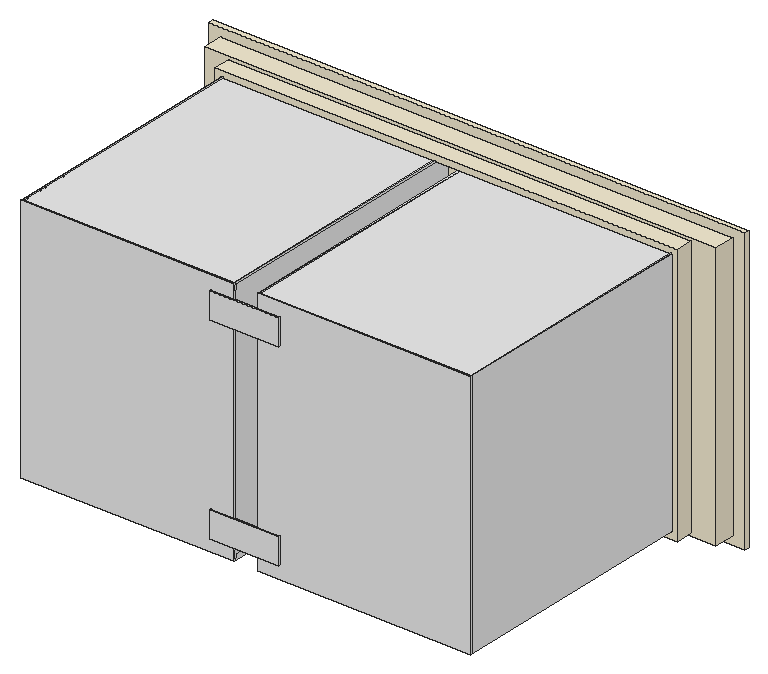
Revit family "Mailboxes_4C-Salsbury_Industries-Front_Load-4_Door_High_Units", category Specialty Equipment, host Wall, Revit 2016
Family settings
  Host = Wall
  Part Type = Normal
  Round Connector Dimension = Use Diameter
  OmniClass Number = 23.40.90.14.11
  OmniClass Title = Mail Boxes
  Always vertical = Yes
  Cut with Voids When Loaded = No
  Shared = No
  Room Calculation Point = No
Parameters (values of type "3704D-06 FL")
  Width = 31.09766"
  URL = "www.mailboxes.com"
  OmniClass 23 Title = "Mail Boxes"
  OmniClass 23 Number = "23.40.90.14.11"
  Visible Door Number [instance] = yes
  Vertical Center Divider = yes
  Version = "3.0 (06/30/17)"
  Type Comments = "4C Standard Horizontal Mailbox - Front Loading"
  Top Back Plate = yes
  Right Inside Wall = yes
  Model = "3704D-06 FL"
  MasterFormat Title = "Postal Specialties"
  MasterFormat Number = "10 55 00"
  Manufacturer = "Salsbury Industries"
  Lock Material = Stainless Steel - Salsbury Finish -  Polished
  Left Inside Wall = yes
  Keynote = ""
  Height = 16.500"
  Front Panel Material [instance] = Paint - Salsbury Finish - Sandstone
  Door Slot R4 Number [instance] = "6"
  Door Slot R4 = 3700 Series 4C Door Configurations : MB1 Door w/ Divider
  Door Slot R3 Number [instance] = "0"
  Door Slot R3 = 3700 Series 4C OM2 Configuration : OM2-FL
  Door Slot R2 Number [instance] = "0"
  Door Slot R2 = 3700 Series 4C Door Configurations : Empty
  Door Slot R1 Number [instance] = "5"
  Door Slot R1 = 3700 Series 4C Door Configurations : MB1 Door
  Door Slot L4 Number [instance] = "4"
  Door Slot L4 = 3700 Series 4C Door Configurations : MB1 Door w/ Divider
  Door Slot L3 Number [instance] = "3"
  Door Slot L3 = 3700 Series 4C Door Configurations : MB1 Door w/ Divider
  Door Slot L2 Number [instance] = "2"
  Door Slot L2 = 3700 Series 4C Door Configurations : MB1 Door w/ Divider
  Door Slot L1 Number [instance] = "1"
  Door Slot L1 = 3700 Series 4C Door Configurations : MB1 Door
  Description = "4 Door High Unit:  6 MB1, OM2"
  Depth = 17.025"
  Center Extrusion Offset [instance] = 0.000"
  Bottom Back Plate = yes
  Back Enclosure Material = Aluminum - Salsbury Finish - Anodized
  Assembly Description = "Mailboxes"
  Assembly Code = "C1030910"
  Above Finished Floor (AFF-Bottom of Unit) [instance] = 26.683"
  Above Finished Floor (AFF-Bottom Shelf) [instance] = 28.000"
Reference planes (in)
  plane 1 "Wall Centerline": y = 0
  plane 2 "Center (Left/Right)": x = 0
  plane 3 "Front": y = 3
  plane 4 "15" AFF": z = 28
  plane 5 "28" AFF": z = 28
  plane 6 "36" AFF": z = 36
  plane 7 "48" AFF": z = 48
  plane 8 "Bottom of Unit": z = 26.683
  plane 9 "Top of Unit": z = 43.183
  plane 10 "Left Side of Unit": x = 15.54883
  plane 11 "Right Side of Unit": x = -15.54883
  plane 12 "28" AFF_Bottom of Unit": z = 26.683
  plane 13 "Top Horiz Trim Align": z = 42.35225
  plane 14 "Bottom Horiz Trim Align": z = 27.515
  plane 15 "Left Trim Align": x = 14.716
  plane 16 "Right Trim Align": x = -14.716
  plane 17 "Left Door Align": x = 14.06641
  plane 18 "Right Door Align": x = -14.06641
  plane 19 "Top Horiz Door Align": z = 41.76125
  plane 20 "Bottom Horiz Door Align": z = 28
  plane 21 "Front Face of Unit": y = 3.265
  plane 22 "Top Housing Align": z = 42.679
  plane 23 "Top Collar Align": z = 42.531
  plane 24 "Top Box Align": z = 42.176
  plane 25 "Vertical Housing Align": y = 1.795
  plane 26 "Vertical Collar Align": y = 0.795
  plane 27 "Back of Unit": y = -13.76
  plane 28 "Bottom Housing Align": z = 27.187
  plane 29 "Bottom Collar Align": z = 27.335
  plane 30 "Bottom Box Align": z = 27.75
  plane 31 "Door Alignment": y = 2.66809
  plane 32 "Right Housing Align": x = -14.84183
  plane 33 "Right Collar Align": x = -13.40883
  plane 34 "Right Box Side Align": x = -13.08083
  plane 35 "Left Housing Align": x = 14.84183
  plane 36 "Left Collar Align": x = 13.40883
  plane 37 "Left Side Box Align": x = 13.08083
  plane 38 "Top Back Plate Align": z = 41.397
  plane 39 "Bottom Back Plate Align": z = 28.499
  plane 40 "Back": y = -3
  plane 41 "RO Left Side": x = 15.17383
  plane 42 "RO Right Side": x = -15.17383
  plane 43 "RO Bottom": z = 27.058
  plane 44 "RO Top": z = 42.808
  plane 45 "Horiz Centerline": z = 42.04237
  plane 46: z = 27.885
  plane 47: x = 12.99983
  plane 48: x = 12.92758
  plane 49 "Center Extrusion": x = 0
  plane 50 "Center Extrusion Offset": x = 0
  plane 51 "Row 4 Top Align": z = 31.5
  plane 52 "Row 3 Top Align": z = 35
  plane 53 "Row 2 Top Align": z = 38.5
  plane 54 "Row 16 Top Align-Private": z = 31.5
  plane 55 "Row 15 Top Align-Private": z = 35
  plane 56 "Row 14 Top Align-Private": z = 38.5
  plane 57 "Row 13 Top Align-Private": z = 42
  plane 58 "Row 12 Top Align-Private": z = 45.5
  plane 59 "Row 11 Top Align-Private": z = 49
  plane 60 "Row 10 Top Align-Private": z = 52.25
  plane 61 "Row 9 Top Align-Private": z = 55.75
  plane 62 "Row 8 Top Align-Private": z = 59.25
  plane 63 "Top of Face Gap": z = 61.25
  plane 64 "Top Latch Align": z = 33.876
  plane 65 "Bottom Latch Align": z = 36.05
  plane 66 "Right Latch Align": x = -0.69183
  plane 67 "Left Latch Align": x = 0.69098
  plane 68 "Latch Alignment Edge": x = -15.54883
  plane 69: x = -12.92783
  plane 70: x = -12.99983
  plane 71: y = -13.84203
  plane 72: x = -2
  plane 73: x = -0.7705
  plane 74: x = 0.7705
  plane 75: x = 2
  plane 76: y = -13.67797
  plane 77: x = -0.69098
  plane 78: x = 0.69183
  plane 79: z = 39.897
  plane 80: z = 29.999
  plane 81: z = 41.81729
  plane 82: z = 28.41625
  plane 83: z = 27.446
  plane 84: z = 28.055
Forms (in)
  Extrusion 1, void
    sketch origin (0, 3, 0) x (1, 0, 0) y (0, 0, 1)
      loop
        line (15.17383, 42.808) -> (-15.17383, 42.808) -> (-15.17383, 27.058) -> (15.17383, 27.058) -> (15.17383, 42.808)
    from 0 to 15.27914
  Extrusion 2, solid, material "Paint - Salsbury Finish - Sandstone" <- "Front Panel Material"
    sketch origin (0, 3, 0) x (1, 0, 0) y (0, 0, 1)
      loop
        line (15.54883, 43.183) -> (-15.54883, 43.183) -> (-15.54883, 26.683) -> (15.54883, 26.683) -> (15.54883, 43.183)
    from -0.265 to 0
  Extrusion 3, void
    sketch origin (0, 3.265, 0.00774) x (0, 0, -1) y (-1, 0, 0)
      loop
        line (-42.34451, -14.716) -> (-27.50726, -14.716) -> (-27.50726, 14.716) -> (-42.34451, 14.716) -> (-42.34451, -14.716)
    from -0.265 to 0
  Extrusion 4, solid, material "Paint - Salsbury Finish - Sandstone" <- "Front Panel Material"
    sketch origin (14.98214, 3.265, -1.67978) x (0, 0, -1) y (-1, 0, 0)
      loop
        line (-44.03203, 29.69814) -> (-44.03203, 29.04855) -> (-29.19478, 29.04855) -> (-29.19478, 29.69814) -> (-44.03203, 29.69814)
    from 0 to -0.265
  Extrusion 5, solid, material "Paint - Salsbury Finish - Sandstone" <- "Front Panel Material"
    sketch origin (0, 3.265, 0) x (0, 0, -1) y (-1, 0, 0)
      loop
        line (-27.515, -14.06641) -> (-27.515, 14.06641) -> (-28, 14.06641) -> (-28, -14.06641) -> (-27.515, -14.06641)
    from -0.265 to 0
  Extrusion 6, solid, material "Paint - Salsbury Finish - Sandstone" <- "Front Panel Material"
    sketch origin (0, 3, 84.08475) x (1, 0, 0) y (0, 0, 1)
      loop
        line (-14.84183, -56.89775) -> (14.84183, -56.89775) -> (14.84183, -41.40575) -> (-14.84183, -41.40575) -> (-14.84183, -56.89775)
    from 0 to 1.205
  Extrusion 7, solid, material "Paint - Salsbury Finish - Sandstone" <- "Front Panel Material"
    sketch origin (0, 1.795, 0) x (0, 0, 1) y (-1, 0, 0)
      loop
        line (27.335, 13.40883) -> (27.335, -13.40883) -> (42.531, -13.40883) -> (42.531, 13.40883) -> (27.335, 13.40883)
    from 0 to 1
  Extrusion 8, void
    sketch origin (0, 1.795, 0) x (0, 0, 1) y (-1, 0, 0)
      loop
        line (42.176, 13.08083) -> (27.75, 13.08083) -> (27.75, -13.08083) -> (42.176, -13.08083) -> (42.176, 13.08083)
    from 0 to 1
  Extrusion 9, solid, material "Paint - Salsbury Finish - Sandstone" <- "Front Panel Material"
    sketch origin (0, 3.265, 0) x (0, 0, -1) y (-1, 0, 0)
      loop
        line (-42.35225, -14.716) -> (-27.515, -14.716) -> (-27.515, -14.06641) -> (-42.35225, -14.06641) -> (-42.35225, -14.716)
    from 0 to -0.265
  Extrusion 10, solid, material "Paint - Salsbury Finish - Sandstone" <- "Front Panel Material"
    sketch origin (0, 3.265, 0) x (0, 0, -1) y (-1, 0, 0)
      loop
        line (-42.35225, -14.06641) -> (-41.76125, -14.06641) -> (-41.76125, 14.06641) -> (-42.35225, 14.06641) -> (-42.35225, -14.06641)
    from -0.265 to 0
  Extrusion 11, void
    sketch origin (0, 1.795, 0) x (0, 0, 1) y (-1, 0, 0)
      loop
        line (42.531, -13.40883) -> (42.531, 13.40883) -> (27.335, 13.40883) -> (27.335, -13.40883) -> (42.531, -13.40883)
    from -1.124 to 0
  Extrusion 12, void
    sketch origin (0, 3, 0) x (1, 0, 0) y (0, 0, 1)
      loop
        line (14.06641, 42.531) -> (-14.06641, 42.531) -> (-14.06641, 27.335) -> (14.06641, 27.335) -> (14.06641, 42.531)
    from 0 to 0.33191
  Extrusion 13, solid, material "Aluminum - Salsbury Finish - Anodized" <- "Back Enclosure Material"
    sketch origin (-0.58189, 1.795, 0) x (0, 0, 1) y (-1, 0, 0)
      loop
        line (42.176, 12.49894) -> (27.75, 12.49894) -> (27.75, 12.41794) -> (42.176, 12.41794) -> (42.176, 12.49894)
    from 0 to 15.47297
  Extrusion 14, solid, material "Aluminum - Salsbury Finish - Anodized" <- "Back Enclosure Material", visible <- "Right Inside Wall"
    sketch origin (11.7675, 1.795, 0) x (0, 0, 1) y (-1, 0, 0)
      loop
        line (42.176, 12.538) -> (27.75, 12.538) -> (27.75, 12.45933) -> (42.176, 12.45933) -> (42.176, 12.538)
    from 0 to 15.47297
  Extrusion 15, solid, material "Aluminum - Salsbury Finish - Anodized" <- "Back Enclosure Material"
    sketch origin (0.54283, 1.795, 0) x (0, 0, 1) y (-1, 0, 0)
      loop
        line (42.176, -12.538) -> (42.176, -12.457) -> (27.75, -12.457) -> (27.75, -12.538) -> (42.176, -12.538)
    from 0 to 15.47297
  Extrusion 16, solid, material "Aluminum - Salsbury Finish - Anodized" <- "Back Enclosure Material", visible <- "Left Inside Wall"
    sketch origin (-11.7675, 1.795, 0) x (0, 0, 1) y (-1, 0, 0)
      loop
        line (42.176, -12.538) -> (42.176, -12.45849) -> (27.75, -12.45849) -> (27.75, -12.538) -> (42.176, -12.538)
    from 0 to 15.47297
  Extrusion 17, solid, material "Aluminum - Salsbury Finish - Anodized" <- "Back Enclosure Material"
    sketch origin (0, -13.76, 0) x (0, 0, 1) y (-1, 0, 0)
      loop
        line (42.176, 13.08083) -> (27.75, 13.08083) -> (27.75, -13.08083) -> (42.176, -13.08083) -> (42.176, 13.08083)
    from -0.08203 to 0
  Extrusion 18, solid, material "Aluminum - Salsbury Finish - Anodized" <- "Back Enclosure Material"
    sketch origin (-0.15625, 0, 42.176) x (0, 1, 0) y (-1, 0, 0)
      loop
        line (1.795, 12.84358) -> (-13.67797, 12.84358) -> (-13.67797, -13.15608) -> (1.795, -13.15608) -> (1.795, 12.84358)
    from -0.35871 to 0
  Extrusion 19, void
    sketch origin (0, 0, 42.176) x (0, 1, 0) y (-1, 0, 0)
      loop
        line (1.7325, 12.93342) -> (-13.61547, 12.93342) -> (-13.61547, -12.92758) -> (1.7325, -12.92758) -> (1.7325, 12.93342)
    from -0.0723 to -0.6459
  Extrusion 20, solid, material "Aluminum - Salsbury Finish - Anodized" <- "Back Enclosure Material"
    sketch origin (0, 0, 15.41625) x (1, 0, 0) y (0, 1, 0)
      loop
        line (-12.99983, 1.795) -> (-12.99983, -13.67797) -> (12.99983, -13.67797) -> (12.99983, 1.795) -> (-12.99983, 1.795)
    from 12.46875 to 13
  Extrusion 21, void
    sketch origin (0, 0, 27.91625) x (1, 0, 0) y (0, 1, 0)
      loop
        line (-12.93342, 1.7325) -> (-12.93342, -13.61547) -> (12.92758, -13.61547) -> (12.92758, 1.7325) -> (-12.93342, 1.7325)
    from 0.13875 to -0.47025
  Extrusion 22, solid, material "Aluminum - Salsbury Finish - Anodized" <- "Back Enclosure Material", visible <- "Top Back Plate", detail levels medium+fine
    sketch origin (0, -13.76, 0) x (0, 0, 1) y (-1, 0, 0)
      loop
        line (41.397, 2) -> (39.897, 2) -> (39.897, -2) -> (41.397, -2) -> (41.397, 2)
    from 0 to 0.08203
  Extrusion 23, solid, material "Aluminum - Salsbury Finish - Anodized" <- "Back Enclosure Material", visible <- "Bottom Back Plate", detail levels medium+fine
    sketch origin (0, -13.76, 84.11475) x (0, 0, -1) y (1, 0, 0)
      loop
        line (55.61575, -2) -> (55.61575, 2) -> (54.11575, 2) -> (54.11575, -2) -> (55.61575, -2)
    from 0 to 0.08203
  Extrusion 24, void
    sketch origin (0, 0, 0) x (0, 0, -1) y (0, 1, 0)
      loop
        line (-42.176, 1.795) -> (-42.176, -13.76) -> (-27.75, -13.76) -> (-27.75, 1.795) -> (-27.515, 1.795) -> (-27.515, 3.265) -> (-42.35225, 3.265) -> (-42.35225, 1.795) -> (-42.176, 1.795)
    from -0.69098 to 0.69183
  Extrusion 25, solid, material "Paint - Salsbury Finish - Sandstone" <- "Front Panel Material", visible <- "Vertical Center Divider"
    sketch origin (-0.77934, 3.265, 0) x (0, 0, -1) y (-1, 0, 0)
      loop
        line (-42.35225, -1.47033) -> (-27.515, -1.47033) -> (-27.515, -0.08752) -> (-42.35225, -0.08752) -> (-42.35225, -1.47033)
    from 0 to -1.47
Cuts and joins
  Extrusion 3, Extrusion 11, Extrusion 24 cuts Extrusion 2
  Extrusion 8, Extrusion 11, Extrusion 12, Extrusion 24 cuts Extrusion 5
  Extrusion 8, Extrusion 12, Extrusion 19, Extrusion 24 cuts Extrusion 7
  Extrusion 11, Extrusion 12, Extrusion 24 cuts Extrusion 10
  Extrusion 11, Extrusion 12 cuts Extrusion 6
  Extrusion 12 cuts Extrusion 4
  Extrusion 12 cuts Extrusion 9
  Extrusion 19, Extrusion 21, Extrusion 24 cuts Extrusion 18
  Extrusion 21, Extrusion 24 cuts Extrusion 20
  Extrusion 24 cuts Extrusion 17
  Extrusion 24 cuts Extrusion 22
  Extrusion 24 cuts Extrusion 23
Lines and regions (in)
  model lines
    curve 1: line (15.54883, 3.265, 43.183) -> (14.716, 3.265, 42.35225)
    curve 2: line (-15.54883, 3.265, 43.183) -> (-14.716, 3.265, 42.35225)
    curve 3: line (-15.54883, 3.265, 26.683) -> (-14.716, 3.265, 27.515)
    curve 4: line (15.54883, 3.265, 26.683) -> (14.716, 3.265, 27.515)
  reference lines
    curve 5: line (-14.06641, 2.66809, 26.683) -> (-14.06641, 2.66809, 43.183)
    curve 6: line (14.06641, 2.66809, 26.683) -> (14.06641, 2.66809, 43.183)
  symbolic lines
    curve 7: line (-13.08083, -13.76, 28) -> (13.08083, -13.76, 28)
    curve 8: line (-13.08083, 0.795, 28) -> (-13.08083, -13.76, 28)
    curve 9: line (13.40883, 0.795, 28) -> (-13.40883, 0.795, 28)
    curve 10: line (13.08083, -13.76, 28) -> (13.08083, 0.795, 28)
    curve 11: line (13.40883, 0.795, 28) -> (13.40883, 1.795, 28)
    curve 12: line (-13.40883, 0.795, 28) -> (-13.40883, 1.795, 28)
    curve 13: line (-14.84183, 3, 28) -> (-14.84183, 1.795, 28)
    curve 14: line (-14.84183, 1.795, 28) -> (14.84183, 1.795, 28)
    curve 15: line (14.84183, 1.795, 28) -> (14.84183, 3, 28)
    curve 16: line (-15.54883, 3.265, 28) -> (15.54883, 3.265, 28)
    curve 17: line (-15.54883, 3, 28) -> (-15.54883, 3.265, 28)
    curve 18: line (15.54883, 3, 28) -> (-15.54883, 3, 28)
    curve 19: line (15.54883, 3.265, 28) -> (15.54883, 3, 28)
    curve 20: line (-14.06641, 3.265, 28) -> (-14.06641, 4.43, 28)
    curve 21: line (-14.06641, 4.43, 28) -> (-0.69183, 4.43, 28)
    curve 22: line (-0.69183, 4.43, 28) -> (-0.69183, 3.265, 28)
Text (in)
  text "Placement Side" at (0, 40.15149, 123.01588), in view "Right"
  text "Placement Side" at (-58.6842, 42.74981, 0), in view "Ref. Level"
  text "Placement Side" at (0, 47.49176, 140.59947), in view "Left"
Dimensions and locks (in)
  locked: plane 3 "Front" to host wall
  "Above Finished Floor (AFF-Bottom Shelf)": level to plane 4 "15" AFF"
  locked: level to plane 5 "28" AFF" at 28
  locked: level to plane 6 "36" AFF" at 36
  locked: level to plane 7 "48" AFF" at 48
  equal spacing: plane 11 "Right Side of Unit", plane 2 "Center (Left/Right)", plane 10 "Left Side of Unit"
  plane 8 "Bottom of Unit" to plane 4 "15" AFF" = 1.317"
  "Width": plane 11 "Right Side of Unit" to plane 10 "Left Side of Unit"
  "Height": plane 8 "Bottom of Unit" to plane 9 "Top of Unit"
  plane 12 "28" AFF_Bottom of Unit" to plane 5 "28" AFF" = 1.317"
  locked: plane 15 "Left Trim Align" to plane 10 "Left Side of Unit" at 0.83283
  locked: plane 16 "Right Trim Align" to plane 11 "Right Side of Unit" at 0.83283
  locked: plane 13 "Top Horiz Trim Align" to plane 9 "Top of Unit" at 0.83075
  locked: plane 8 "Bottom of Unit" to plane 14 "Bottom Horiz Trim Align" at 0.832
  plane 17 "Left Door Align" to plane 15 "Left Trim Align" = 0.64959"
  plane 18 "Right Door Align" to plane 16 "Right Trim Align" = 0.64959"
  locked: plane 19 "Top Horiz Door Align" to plane 13 "Top Horiz Trim Align" at 0.591
  locked: plane 14 "Bottom Horiz Trim Align" to plane 20 "Bottom Horiz Door Align" at 0.485
  plane 20 "Bottom Horiz Door Align" to level = 28.000"
  plane 5 "28" AFF" to level = 28.000"
  plane 6 "36" AFF" to level = 36.000"
  plane 7 "48" AFF" to level = 48.000"
  plane 9 "Top of Unit" to plane 8 "Bottom of Unit" = 16.500"
  plane 21 "Front Face of Unit" to host wall = 0.265"
  locked: host wall to plane 25 "Vertical Housing Align" at 1.205
  locked: plane 25 "Vertical Housing Align" to plane 26 "Vertical Collar Align" at 1
  plane 25 "Vertical Housing Align" to plane 27 "Back of Unit" = 15.555"
  "Depth": plane 21 "Front Face of Unit" to plane 27 "Back of Unit"
  locked: plane 9 "Top of Unit" to plane 22 "Top Housing Align" at 0.504
  locked: plane 22 "Top Housing Align" to plane 23 "Top Collar Align" at 0.148
  locked: plane 23 "Top Collar Align" to plane 24 "Top Box Align" at 0.355
  locked: plane 28 "Bottom Housing Align" to plane 8 "Bottom of Unit" at 0.504
  locked: plane 29 "Bottom Collar Align" to plane 28 "Bottom Housing Align" at 0.148
  locked: plane 30 "Bottom Box Align" to plane 29 "Bottom Collar Align" at 0.415
  plane 24 "Top Box Align" to plane 30 "Bottom Box Align" = 14.426"  (x2)
  locked: plane 21 "Front Face of Unit" to plane 31 "Door Alignment" at 0.59691
  plane 11 "Right Side of Unit" to plane 32 "Right Housing Align" to plane 33 "Right Collar Align" to plane 34 "Right Box Side Align" = 0.707" locked, 1.433" locked, 0.328" locked
  plane 37 "Left Side Box Align" to plane 36 "Left Collar Align" to plane 35 "Left Housing Align" to plane 10 "Left Side of Unit" = 0.328" locked, 1.433" locked, 0.707" locked
  plane 11 "Right Side of Unit" to plane 32 "Right Housing Align" to plane 33 "Right Collar Align" to plane 34 "Right Box Side Align" = 0.707", 1.433", 0.328"
  plane 37 "Left Side Box Align" to plane 36 "Left Collar Align" to plane 35 "Left Housing Align" to plane 10 "Left Side of Unit" = 0.328", 1.433", 0.707"
  plane 9 "Top of Unit" to plane 24 "Top Box Align" = 1.007"
  plane 30 "Bottom Box Align" to plane 8 "Bottom of Unit" = 1.067"
  locked: plane 24 "Top Box Align" to plane 38 "Top Back Plate Align" at 0.779
  locked: plane 39 "Bottom Back Plate Align" to plane 30 "Bottom Box Align" at 0.749
  locked: plane 41 "RO Left Side" to plane 10 "Left Side of Unit" at 0.375
  locked: plane 42 "RO Right Side" to plane 11 "Right Side of Unit" at 0.375
  locked: plane 8 "Bottom of Unit" to plane 43 "RO Bottom" at 0.375
  locked: plane 44 "RO Top" to plane 9 "Top of Unit" at 0.375
  Extrusion 13 to Extrusion 13 = 0.081"
  plane 46 to plane 30 "Bottom Box Align" = 0.135"
  Extrusion 15 to Extrusion 15 = 0.081"
  plane 47 to plane 37 "Left Side Box Align" = 0.081"
  plane 48 to plane 47 = 0.07225"
  plane 18 "Right Door Align" to plane 17 "Left Door Align" = 28.13281"
  "Center Extrusion Offset": plane 49 "Center Extrusion" to plane 50 "Center Extrusion Offset"
  plane 20 "Bottom Horiz Door Align" to plane 51 "Row 4 Top Align" to plane 52 "Row 3 Top Align" to plane 53 "Row 2 Top Align" = 3.500", 3.500" locked, 3.500" locked
  plane 4 "15" AFF" to plane 54 "Row 16 Top Align-Private" = 3.500"
  plane 54 "Row 16 Top Align-Private" to plane 55 "Row 15 Top Align-Private" to plane 56 "Row 14 Top Align-Private" to plane 57 "Row 13 Top Align-Private" to plane 58 "Row 12 Top Align-Private" to plane 59 "Row 11 Top Align-Private" to plane 60 "Row 10 Top Align-Private" to plane 61 "Row 9 Top Align-Private" to plane 62 "Row 8 Top Align-Private" = 3.500" locked, 3.500" locked, 3.500" locked, 3.500" locked, 3.500" locked, 3.250" locked, 3.500" locked, 3.500" locked
  locked: plane 62 "Row 8 Top Align-Private" to plane 63 "Top of Face Gap" at 2
  "Above Finished Floor (AFF-Bottom of Unit)": level to plane 8 "Bottom of Unit"
  locked: plane 66 "Right Latch Align" to plane 67 "Left Latch Align" at 1.38281
  plane 24 "Top Box Align" to plane 64 "Top Latch Align" = 8.300"
  plane 65 "Bottom Latch Align" to plane 30 "Bottom Box Align" = 8.300"
  plane 68 "Latch Alignment Edge" to plane 66 "Right Latch Align" = 14.857"
  curve 15 to curve 19 = 0.707"
  plane 34 "Right Box Side Align" to plane 70 to plane 69 = 0.081", 0.072"
  plane 71 to plane 27 "Back of Unit" = 0.08203"
  plane 27 "Back of Unit" to plane 76 = 0.08203"
  cut or joined group of Extrusion 6, Extrusion 11, Extrusion 12 to Extrusion 25 = 15.16525"
  plane 72 to plane 73 to plane 66 "Right Latch Align" to plane 50 "Center Extrusion Offset" = 1.2295", 0.07867", 0.69183"
  plane 50 "Center Extrusion Offset" to plane 67 "Left Latch Align" to plane 74 to plane 75 = 0.69098", 0.07952", 1.2295"
  plane 77 to plane 49 "Center Extrusion" to plane 78 = 0.69098" locked, 0.69183" locked
  plane 11 "Right Side of Unit" to Extrusion 2 = 31.09766"
  plane 10 "Left Side of Unit" to Extrusion 6 = 30.39066"
  plane 38 "Top Back Plate Align" to plane 79 = 1.500"
  plane 80 to plane 39 "Bottom Back Plate Align" = 1.500"
  plane 4 "15" AFF" to Extrusion 13 = 14.176"
  plane 4 "15" AFF" to Extrusion 14 = 14.176"
  Extrusion 14 to Extrusion 16 = 14.426"
  Extrusion 16 to Extrusion 15 = 14.426"
  locked: plane 81 to plane 24 "Top Box Align" at 0.35871
  plane 14 "Bottom Horiz Trim Align" to plane 82 = 0.90125"
  plane 83 to plane 30 "Bottom Box Align" to plane 84 = 0.304" locked, 0.305" locked
  aligned and locked: plane 8 "Bottom of Unit" to Extrusion 2 sketch curve
  aligned and locked: plane 10 "Left Side of Unit" to Extrusion 2 sketch curve
  aligned and locked: Extrusion 2 sketch curve to plane 11 "Right Side of Unit"
  aligned and locked: Extrusion 2 sketch curve to plane 9 "Top of Unit"
  aligned and locked: plane 21 "Front Face of Unit" to Extrusion 2
  aligned and locked: Extrusion 4 to plane 16 "Right Trim Align"
  aligned and locked: plane 18 "Right Door Align" to Extrusion 4
  aligned and locked: plane 13 "Top Horiz Trim Align" to Extrusion 4
  aligned and locked: Extrusion 5 to plane 14 "Bottom Horiz Trim Align"
  aligned and locked: Extrusion 5 to plane 17 "Left Door Align"
  aligned and locked: plane 20 "Bottom Horiz Door Align" to Extrusion 5
  aligned and locked: Extrusion 5 to plane 18 "Right Door Align"
  aligned and locked: plane 34 "Right Box Side Align" to Extrusion 17 sketch curve
  aligned and locked: Extrusion 17 sketch curve to plane 24 "Top Box Align"
  aligned and locked: Extrusion 17 sketch curve to plane 37 "Left Side Box Align"
  aligned and locked: plane 30 "Bottom Box Align" to Extrusion 17 sketch curve
  aligned and locked: plane 25 "Vertical Housing Align" to Extrusion 18 sketch curve
  aligned and locked: Extrusion 18 sketch curve to plane 47
  aligned and locked: plane 48 to Extrusion 19
  aligned and locked: plane 47 to cut or joined group of Extrusion 18, Extrusion 19, Extrusion 21, Extrusion 24
  aligned and locked: plane 25 "Vertical Housing Align" to Extrusion 20 sketch curve
  aligned and locked: Extrusion 20 sketch curve to plane 47
  aligned and locked: plane 48 to cut or joined group of Extrusion 20, Extrusion 21, Extrusion 24
  aligned and locked: plane 17 "Left Door Align" to cut or joined group of Extrusion 9, Extrusion 12
  aligned and locked: plane 25 "Vertical Housing Align" to Extrusion 25
  aligned and locked: plane 21 "Front Face of Unit" to Extrusion 25
  aligned and locked: nested 1 to plane 53 "Row 2 Top Align"
  aligned and locked: nested 5 to plane 17 "Left Door Align"
  aligned and locked: nested 5 to plane 53 "Row 2 Top Align"
  aligned and locked: plane 31 "Door Alignment" to nested 5  (x2)
  aligned and locked: nested 6 to plane 17 "Left Door Align"
  aligned and locked: nested 6 to plane 52 "Row 3 Top Align"
  aligned and locked: plane 31 "Door Alignment" to nested 6  (x2)
  aligned and locked: nested 3 to curve 5
  aligned and locked: nested 8 to curve 6
  aligned and locked: nested 7 to curve 6
  aligned and locked: nested 6 to curve 6
  aligned and locked: nested 5 to curve 6
  aligned and locked: plane 31 "Door Alignment" to nested 3
  aligned and locked: plane 31 "Door Alignment" to nested 7
  aligned and locked: plane 31 "Door Alignment" to nested 2
  aligned and locked: plane 31 "Door Alignment" to nested 4
  aligned and locked: nested 1 to curve 5
  aligned and locked: nested 2 to curve 5
  aligned and locked: nested 4 to curve 5
  aligned and locked: plane 31 "Door Alignment" to nested 1
  aligned and locked: plane 11 "Right Side of Unit" to plane 68 "Latch Alignment Edge"
  aligned and locked: plane 37 "Left Side Box Align" to curve 10
  aligned and locked: plane 27 "Back of Unit" to curve 7
  aligned and locked: curve 8 to plane 34 "Right Box Side Align"
  aligned and locked: curve 9 to plane 26 "Vertical Collar Align"
  aligned and locked: curve 13 to cut or joined group of Extrusion 6, Extrusion 11, Extrusion 12
  aligned and locked: curve 14 to cut or joined group of Extrusion 6, Extrusion 11, Extrusion 12
  aligned and locked: curve 15 to cut or joined group of Extrusion 6, Extrusion 11, Extrusion 12
  aligned and locked: nested 1 to curve 20
  aligned and locked: plane 66 "Right Latch Align" to curve 22
  aligned and locked: plane 21 "Front Face of Unit" to cut or joined group of Extrusion 2, Extrusion 3, Extrusion 11, Extrusion 24
  aligned and locked: plane 3 "Front" to cut or joined group of Extrusion 2, Extrusion 3, Extrusion 11, Extrusion 24
  aligned and locked: plane 35 "Left Housing Align" to cut or joined group of Extrusion 6, Extrusion 11, Extrusion 12  (x2)
  aligned and locked: plane 25 "Vertical Housing Align" to cut or joined group of Extrusion 6, Extrusion 11, Extrusion 12
  aligned and locked: cut or joined group of Extrusion 6, Extrusion 11, Extrusion 12 to plane 3 "Front"
  aligned and locked: cut or joined group of Extrusion 6, Extrusion 11, Extrusion 12 to plane 32 "Right Housing Align"
  aligned and locked: plane 26 "Vertical Collar Align" to cut or joined group of Extrusion 7, Extrusion 8, Extrusion 12, Extrusion 19, Extrusion 24
  aligned and locked: cut or joined group of Extrusion 7, Extrusion 8, Extrusion 12, Extrusion 19, Extrusion 24 to plane 33 "Right Collar Align"
  aligned and locked: cut or joined group of Extrusion 7, Extrusion 8, Extrusion 12, Extrusion 19, Extrusion 24 to plane 25 "Vertical Housing Align"
  aligned and locked: plane 36 "Left Collar Align" to cut or joined group of Extrusion 7, Extrusion 8, Extrusion 12, Extrusion 19, Extrusion 24
  aligned and locked: plane 37 "Left Side Box Align" to Extrusion 15
  aligned and locked: Extrusion 15 to plane 47  (x2)
  aligned and locked: plane 27 "Back of Unit" to cut or joined group of Extrusion 17, Extrusion 24
  aligned and locked: Extrusion 13 to plane 34 "Right Box Side Align"
  aligned and locked: plane 37 "Left Side Box Align" to cut or joined group of Extrusion 17, Extrusion 24
  aligned and locked: plane 70 to Extrusion 13
  aligned and locked: cut or joined group of Extrusion 18, Extrusion 19, Extrusion 21, Extrusion 24 to plane 70
  aligned and locked: plane 71 to cut or joined group of Extrusion 22, Extrusion 24
  aligned and locked: plane 71 to cut or joined group of Extrusion 23, Extrusion 24
  aligned and locked: cut or joined group of Extrusion 22, Extrusion 24 to plane 27 "Back of Unit"
  aligned and locked: cut or joined group of Extrusion 23, Extrusion 24 to plane 27 "Back of Unit"
  aligned and locked: plane 74 to Extrusion 16
  aligned and locked: Extrusion 14 to plane 73
  aligned and locked: plane 75 to cut or joined group of Extrusion 22, Extrusion 24
  aligned and locked: plane 72 to cut or joined group of Extrusion 22, Extrusion 24  (x2)
  aligned and locked: plane 72 to cut or joined group of Extrusion 23, Extrusion 24  (x2)
  aligned and locked: cut or joined group of Extrusion 23, Extrusion 24 to plane 75  (x2)
  aligned and locked: plane 76 to cut or joined group of Extrusion 17, Extrusion 24
  aligned and locked: plane 76 to cut or joined group of Extrusion 18, Extrusion 19, Extrusion 21, Extrusion 24
  aligned and locked: Extrusion 15 to plane 25 "Vertical Housing Align"
  aligned and locked: Extrusion 16 to plane 25 "Vertical Housing Align"
  aligned and locked: Extrusion 14 to plane 25 "Vertical Housing Align"
  aligned and locked: Extrusion 13 to plane 25 "Vertical Housing Align"
  aligned and locked: plane 76 to Extrusion 15
  aligned and locked: plane 76 to Extrusion 16
  aligned and locked: plane 76 to Extrusion 14
  aligned and locked: plane 76 to Extrusion 13
  aligned and locked: Extrusion 14 to plane 66 "Right Latch Align"
  aligned and locked: plane 13 "Top Horiz Trim Align" to cut or joined group of Extrusion 9, Extrusion 12
  aligned and locked: cut or joined group of Extrusion 9, Extrusion 12 to plane 15 "Left Trim Align"
  aligned and locked: cut or joined group of Extrusion 9, Extrusion 12 to plane 14 "Bottom Horiz Trim Align"
  aligned and locked: cut or joined group of Extrusion 4, Extrusion 12 to plane 14 "Bottom Horiz Trim Align"
  aligned and locked: cut or joined group of Extrusion 10, Extrusion 11, Extrusion 12, Extrusion 24 to plane 17 "Left Door Align"
  aligned and locked: cut or joined group of Extrusion 10, Extrusion 11, Extrusion 12, Extrusion 24 to plane 18 "Right Door Align"
  aligned and locked: cut or joined group of Extrusion 10, Extrusion 11, Extrusion 12, Extrusion 24 to plane 19 "Top Horiz Door Align"
  aligned and locked: plane 13 "Top Horiz Trim Align" to cut or joined group of Extrusion 10, Extrusion 11, Extrusion 12, Extrusion 24
  aligned and locked: plane 21 "Front Face of Unit" to cut or joined group of Extrusion 9, Extrusion 12
  aligned and locked: plane 3 "Front" to cut or joined group of Extrusion 9, Extrusion 12
  aligned and locked: plane 21 "Front Face of Unit" to cut or joined group of Extrusion 4, Extrusion 12
  aligned and locked: plane 3 "Front" to cut or joined group of Extrusion 4, Extrusion 12
  aligned and locked: plane 13 "Top Horiz Trim Align" to Extrusion 25
  aligned and locked: Extrusion 25 to plane 14 "Bottom Horiz Trim Align"
  aligned and locked: plane 66 "Right Latch Align" to Extrusion 25
  aligned and locked: Extrusion 25 to plane 67 "Left Latch Align"
  aligned and locked: plane 67 "Left Latch Align" to Extrusion 16
  aligned and locked: plane 77 to Extrusion 24
  aligned and locked: plane 78 to Extrusion 24
  aligned and locked: plane 27 "Back of Unit" to Extrusion 24
  aligned and locked: plane 21 "Front Face of Unit" to Extrusion 24
  aligned and locked: plane 9 "Top of Unit" to curve 5
  aligned and locked: plane 8 "Bottom of Unit" to curve 5
  aligned and locked: plane 8 "Bottom of Unit" to curve 6
  aligned and locked: curve 6 to plane 17 "Left Door Align"
  aligned and locked: plane 22 "Top Housing Align" to cut or joined group of Extrusion 6, Extrusion 11, Extrusion 12
  aligned and locked: plane 28 "Bottom Housing Align" to cut or joined group of Extrusion 6, Extrusion 11, Extrusion 12
  aligned and locked: cut or joined group of Extrusion 7, Extrusion 8, Extrusion 12, Extrusion 19, Extrusion 24 to plane 29 "Bottom Collar Align"
  aligned and locked: plane 23 "Top Collar Align" to cut or joined group of Extrusion 7, Extrusion 8, Extrusion 12, Extrusion 19, Extrusion 24
  aligned and locked: plane 10 "Left Side of Unit" to curve 1
  aligned and locked: plane 9 "Top of Unit" to curve 1
  aligned and locked: plane 15 "Left Trim Align" to curve 1
  aligned and locked: plane 13 "Top Horiz Trim Align" to curve 1
  aligned and locked: plane 11 "Right Side of Unit" to curve 2
  aligned and locked: plane 9 "Top of Unit" to curve 2
  aligned and locked: plane 16 "Right Trim Align" to curve 2
  aligned and locked: plane 13 "Top Horiz Trim Align" to curve 2
  aligned and locked: plane 10 "Left Side of Unit" to curve 4
  aligned and locked: plane 8 "Bottom of Unit" to curve 4
  aligned and locked: plane 15 "Left Trim Align" to curve 4
  aligned and locked: plane 14 "Bottom Horiz Trim Align" to curve 4
  aligned and locked: plane 8 "Bottom of Unit" to curve 3
  aligned and locked: plane 11 "Right Side of Unit" to curve 3
  aligned and locked: plane 16 "Right Trim Align" to curve 3
  aligned and locked: plane 14 "Bottom Horiz Trim Align" to curve 3
  aligned and locked: cut or joined group of Extrusion 22, Extrusion 24 to plane 38 "Top Back Plate Align"
  aligned and locked: cut or joined group of Extrusion 22, Extrusion 24 to plane 75
  aligned and locked: plane 79 to cut or joined group of Extrusion 22, Extrusion 24
  aligned and locked: cut or joined group of Extrusion 23, Extrusion 24 to plane 39 "Bottom Back Plate Align"
  aligned and locked: plane 80 to cut or joined group of Extrusion 23, Extrusion 24
  aligned and locked: plane 24 "Top Box Align" to Extrusion 13
  aligned and locked: Extrusion 13 to plane 30 "Bottom Box Align"
  aligned and locked: plane 24 "Top Box Align" to Extrusion 14
  aligned and locked: Extrusion 14 to plane 30 "Bottom Box Align"
  aligned and locked: Extrusion 16 to plane 30 "Bottom Box Align"
  aligned and locked: plane 24 "Top Box Align" to Extrusion 16
  aligned and locked: plane 24 "Top Box Align" to Extrusion 15
  aligned and locked: Extrusion 15 to plane 30 "Bottom Box Align"
  aligned and locked: plane 24 "Top Box Align" to cut or joined group of Extrusion 18, Extrusion 19, Extrusion 21, Extrusion 24
  aligned and locked: plane 81 to cut or joined group of Extrusion 18, Extrusion 19, Extrusion 21, Extrusion 24
  aligned and locked: cut or joined group of Extrusion 20, Extrusion 21, Extrusion 24 to plane 46
  aligned and locked: plane 82 to cut or joined group of Extrusion 20, Extrusion 21, Extrusion 24
  aligned and locked: plane 76 to cut or joined group of Extrusion 20, Extrusion 21, Extrusion 24
  aligned and locked: cut or joined group of Extrusion 20, Extrusion 21, Extrusion 24 to plane 70
  aligned and locked: plane 21 "Front Face of Unit" to cut or joined group of Extrusion 5, Extrusion 8, Extrusion 11, Extrusion 12, Extrusion 24
  aligned and locked: plane 3 "Front" to cut or joined group of Extrusion 5, Extrusion 8, Extrusion 11, Extrusion 12, Extrusion 24
  aligned and locked: plane 21 "Front Face of Unit" to cut or joined group of Extrusion 10, Extrusion 11, Extrusion 12, Extrusion 24
  aligned and locked: plane 3 "Front" to cut or joined group of Extrusion 10, Extrusion 11, Extrusion 12, Extrusion 24
  aligned and locked: plane 51 "Row 4 Top Align" to nested 3
  aligned and locked: plane 51 "Row 4 Top Align" to nested 7
  aligned and locked: plane 31 "Door Alignment" to nested 8
  aligned and locked: plane 52 "Row 3 Top Align" to nested 2
  aligned and locked: plane 20 "Bottom Horiz Door Align" to nested 8
  aligned and locked: plane 20 "Bottom Horiz Door Align" to nested 4
  aligned and locked: Extrusion 21 to plane 84
  aligned and locked: plane 83 to Extrusion 21
Automatic sketch dimensions
  Extrusion 1 sketch curve to plane 42 "RO Right Side" = 0.000"
  plane 41 "RO Left Side" to Extrusion 1 sketch curve = 0.000"
  Extrusion 1 sketch curve to plane 43 "RO Bottom" = 0.000"
  Extrusion 1 sketch curve to plane 44 "RO Top" = 0.000"
  Extrusion 6 sketch curve to plane 22 "Top Housing Align" = 0.000"
  plane 32 "Right Housing Align" to Extrusion 6 sketch curve = 0.000"
  Extrusion 6 sketch curve to plane 35 "Left Housing Align" = 0.000"
  Extrusion 6 sketch curve to plane 28 "Bottom Housing Align" = 0.000"
  Extrusion 7 sketch curve to plane 29 "Bottom Collar Align" = 0.000"
  plane 23 "Top Collar Align" to Extrusion 7 sketch curve = 0.000"
  plane 36 "Left Collar Align" to Extrusion 7 sketch curve = 0.000"
  Extrusion 7 sketch curve to plane 33 "Right Collar Align" = 0.000"
  Extrusion 8 sketch curve to plane 30 "Bottom Box Align" = 0.000"
  Extrusion 8 sketch curve to plane 24 "Top Box Align" = 0.000"
  Extrusion 8 sketch curve to plane 37 "Left Side Box Align" = 0.000"
  plane 34 "Right Box Side Align" to Extrusion 8 sketch curve = 0.000"
  Extrusion 11 sketch curve to plane 29 "Bottom Collar Align" = 0.000"
  Extrusion 11 sketch curve to plane 23 "Top Collar Align" = 0.000"
  plane 36 "Left Collar Align" to Extrusion 11 sketch curve = 0.000"
  plane 33 "Right Collar Align" to Extrusion 11 sketch curve = 0.000"
  Extrusion 13 sketch curve to plane 30 "Bottom Box Align" = 0.000"
  plane 24 "Top Box Align" to Extrusion 13 sketch curve = 0.000"
  Extrusion 13 sketch curve to plane 34 "Right Box Side Align" = 0.000"
  Extrusion 13 sketch curve to Extrusion 13 sketch curve = 0.081"
  plane 30 "Bottom Box Align" to Extrusion 15 sketch curve = 0.000"
  Extrusion 15 sketch curve to plane 24 "Top Box Align" = 0.000"
  plane 37 "Left Side Box Align" to Extrusion 15 sketch curve = 0.000"
  plane 37 "Left Side Box Align" to Extrusion 15 sketch curve = 0.081"
  Extrusion 18 sketch curve to plane 27 "Back of Unit" = 0.08203"
  plane 34 "Right Box Side Align" to Extrusion 18 sketch curve = 0.081"
  plane 34 "Right Box Side Align" to Extrusion 20 sketch curve = 0.081"
  Extrusion 20 sketch curve to plane 27 "Back of Unit" = 0.08203"
  Extrusion 3 sketch curve to plane 13 "Top Horiz Trim Align" = 0.000"
  Extrusion 3 sketch curve to plane 14 "Bottom Horiz Trim Align" = 0.000"
  plane 15 "Left Trim Align" to Extrusion 3 sketch curve = 0.000"
  Extrusion 3 sketch curve to plane 16 "Right Trim Align" = 0.000"
  Extrusion 4 sketch curve to plane 13 "Top Horiz Trim Align" = 0.000"
  plane 14 "Bottom Horiz Trim Align" to Extrusion 4 sketch curve = 0.000"
  plane 16 "Right Trim Align" to Extrusion 4 sketch curve = 0.000"
  Extrusion 4 sketch curve to plane 18 "Right Door Align" = 0.000"
  plane 13 "Top Horiz Trim Align" to Extrusion 9 sketch curve = 0.000"
  Extrusion 9 sketch curve to plane 14 "Bottom Horiz Trim Align" = 0.000"
  Extrusion 9 sketch curve to plane 15 "Left Trim Align" = 0.000"
  plane 17 "Left Door Align" to Extrusion 9 sketch curve = 0.000"
  plane 13 "Top Horiz Trim Align" to Extrusion 10 sketch curve = 0.000"
  Extrusion 10 sketch curve to plane 17 "Left Door Align" = 0.000"
  Extrusion 10 sketch curve to plane 18 "Right Door Align" = 0.000"
  Extrusion 10 sketch curve to plane 19 "Top Horiz Door Align" = 0.000"
  Extrusion 12 sketch curve to plane 18 "Right Door Align" = 0.000"
  plane 17 "Left Door Align" to Extrusion 12 sketch curve = 0.000"
  Extrusion 12 sketch curve to plane 29 "Bottom Collar Align" = 0.000"
  Extrusion 12 sketch curve to plane 23 "Top Collar Align" = 0.000"
  Extrusion 14 sketch curve to plane 30 "Bottom Box Align" = 0.000"
  plane 24 "Top Box Align" to Extrusion 14 sketch curve = 0.000"
  Extrusion 14 sketch curve to plane 2 "Center (Left/Right)" = 0.69183"
  Extrusion 14 sketch curve to Extrusion 14 sketch curve = 0.07867"
  plane 30 "Bottom Box Align" to Extrusion 16 sketch curve = 0.000"
  Extrusion 16 sketch curve to plane 24 "Top Box Align" = 0.000"
  Extrusion 16 sketch curve to plane 2 "Center (Left/Right)" = 0.69098"
  Extrusion 16 sketch curve to Extrusion 16 sketch curve = 0.07952"
  Extrusion 19 sketch curve to plane 48 = 0.000"
  Extrusion 19 sketch curve to plane 27 "Back of Unit" = 0.14453"
  plane 25 "Vertical Housing Align" to Extrusion 19 sketch curve = 0.0625"
  plane 34 "Right Box Side Align" to Extrusion 19 sketch curve = 0.14741"
  Extrusion 21 sketch curve to plane 48 = 0.000"
  plane 25 "Vertical Housing Align" to Extrusion 21 sketch curve = 0.0625"
  plane 34 "Right Box Side Align" to Extrusion 21 sketch curve = 0.14741"
  Extrusion 21 sketch curve to plane 27 "Back of Unit" = 0.14453"
  Extrusion 22 sketch curve to plane 38 "Top Back Plate Align" = 0.000"
  plane 38 "Top Back Plate Align" to Extrusion 22 sketch curve = 1.500"
  plane 2 "Center (Left/Right)" to Extrusion 22 sketch curve = 2.000"
  Extrusion 22 sketch curve to plane 2 "Center (Left/Right)" = 2.000"
  Extrusion 23 sketch curve to plane 39 "Bottom Back Plate Align" = 0.000"
  Extrusion 23 sketch curve to plane 39 "Bottom Back Plate Align" = 1.500"
  Extrusion 23 sketch curve to plane 2 "Center (Left/Right)" = 2.000"
  plane 2 "Center (Left/Right)" to Extrusion 23 sketch curve = 2.000"
  plane 13 "Top Horiz Trim Align" to Extrusion 25 sketch curve = 0.000"
  Extrusion 25 sketch curve to plane 14 "Bottom Horiz Trim Align" = 0.000"
  plane 2 "Center (Left/Right)" to Extrusion 25 sketch curve = 0.69098"
  Extrusion 25 sketch curve to plane 2 "Center (Left/Right)" = 0.69183"
  plane 4 "15" AFF" to Extrusion 5 sketch curve = 0.000"
  Extrusion 5 sketch curve to plane 14 "Bottom Horiz Trim Align" = 0.000"
  Extrusion 5 sketch curve to plane 17 "Left Door Align" = 0.000"
  Extrusion 5 sketch curve to plane 18 "Right Door Align" = 0.000"
  curve 9 to plane 33 "Right Collar Align" = 0.000"
  curve 11 to plane 36 "Left Collar Align" = 0.000"
  plane 21 "Front Face of Unit" to curve 21 = 1.165"
  curve 18 to host wall = 0.000"
  curve 18 to plane 11 "Right Side of Unit" = 0.000"
  curve 16 to plane 21 "Front Face of Unit" = 0.000"
  Extrusion 24 sketch curve to plane 13 "Top Horiz Trim Align" = 0.000"
  Extrusion 24 sketch curve to plane 24 "Top Box Align" = 0.000"
  Extrusion 24 sketch curve to plane 27 "Back of Unit" = 0.000"
  Extrusion 24 sketch curve to plane 30 "Bottom Box Align" = 0.000"
  Extrusion 24 sketch curve to plane 14 "Bottom Horiz Trim Align" = 0.000"
  Extrusion 24 sketch curve to plane 25 "Vertical Housing Align" = 0.000"  (x2)
  Extrusion 24 sketch curve to plane 21 "Front Face of Unit" = 0.000"
  curve 6 to plane 9 "Top of Unit" = 0.000"
  curve 5 to plane 18 "Right Door Align" = 0.000"
Nested families (in)
  nested 1: "3700 Series 4C Door Configurations" at (-7.37891, 2.79505, 38.5) x (-1, 0, 0) z (0, 0, 1), type <- "Door Slot R1", Door Number <- "Door Slot R1 Number", type "MB1 Door"
    with Door Number "5"
  nested 2: "3700 Series 4C Door Configurations" at (-7.37891, 2.79505, 35) x (-1, 0, 0) z (0, 0, 1), type <- "Door Slot R2", Door Number <- "Door Slot R2 Number", type "Empty"
    with Door Number "0"
  nested 3: "3700 Series 4C OM2 Configuration" at (-7.37891, 2.79505, 31.5) x (-1, 0, 0) z (0, 0, 1), type <- "Door Slot R3", Door Number <- "Door Slot R3 Number", type "OM2-FL"
    with Door Number "0"
  nested 4: "3700 Series 4C Door Configurations" at (-7.37891, 2.79505, 28) x (-1, 0, 0) z (0, 0, 1), type <- "Door Slot R4", Door Number <- "Door Slot R4 Number", type "MB1 Door w/ Divider"
    with Door Number "6"
  nested 5: "3700 Series 4C Door Configurations" at (7.37891, 2.79505, 38.5) x (-1, 0, 0) z (0, 0, 1), type <- "Door Slot L1", Door Number <- "Door Slot L1 Number", type "MB1 Door"
    with Door Number "1"
  nested 6: "3700 Series 4C Door Configurations" at (7.37891, 2.79505, 35) x (-1, 0, 0) z (0, 0, 1), type <- "Door Slot L2", Door Number <- "Door Slot L2 Number", type "MB1 Door w/ Divider"
    with Door Number "2"
  nested 7: "3700 Series 4C Door Configurations" at (7.37891, 2.79505, 31.5) x (-1, 0, 0) z (0, 0, 1), type <- "Door Slot L3", Door Number <- "Door Slot L3 Number", type "MB1 Door w/ Divider"
    with Door Number "3"
  nested 8: "3700 Series 4C Door Configurations" at (7.37891, 2.79505, 28) x (-1, 0, 0) z (0, 0, 1), type <- "Door Slot L4", Door Number <- "Door Slot L4 Number", type "MB1 Door w/ Divider"
    with Door Number "4"
Definition of nested family "3700 Series 4C Door Configurations"
  Parameters (values of type "MB3 Door")
    Weight = "15 lbs."
    Visible Door Number = yes
    URL = ""
    Model = "3700MB3"
    Manufacturer = "Salsbury Industries"
    Lock Material = none
    Inset Offset = 0.000"
    Front Panel Material = none
    Door Width = 13.375"
    Door Visibility-MB1 = yes
    Door Number [instance] = "101"
    Door Lock = yes
    Door Height = 10.23047"
    Door Divider = no
    Door Depth = 0.25391"
    Description = "MB3 Door for 3700 Series 4C Mailboxes"
    Cost = 0
    Center Lock-Vertical = 0.875"
    Center Lock-Horizontal = 1.61523"
  Types (11): name | Weight | Visible Door Number | Model | Inset Offset | Door Visibility-MB1 | Door Lock | Door Height | Door Divider | Description
    MB1 Door w/ Divider | "5 lbs." | yes | "3700MB1" | 0.000" | yes | yes | 3.23047" | yes | "MB1 Door for 3700 Series 4C Mailboxes"
    MB1 Door | "5 lbs." | yes | "3700MB1" | 0.000" | yes | yes | 3.23047" | no | "MB1 Door for 3700 Series 4C Mailboxes"
    MB2 Door | "10 lbs." | yes | "3700MB2" | 0.000" | yes | yes | 6.73047" | no | "MB2 Door for 3700 Series 4C Mailboxes"
    MB2 Door w/ Divider | "10 lbs." | yes | "3700MB2" | 0.000" | yes | yes | 6.73047" | yes | "MB2 Door for 3700 Series 4C Mailboxes"
    MB3 Door | "15 lbs." | yes | "3700MB3" | 0.000" | yes | yes | 10.23047" | no | "MB3 Door for 3700 Series 4C Mailboxes"
    MB3 Door w/ Divider | "15 lbs." | yes | "3700MB3" | 0.000" | yes | yes | 10.23047" | yes | "MB3 Door for 3700 Series 4C Mailboxes"
    MB4 Door | "20 lbs." | yes | "3700MB4" | 0.000" | yes | yes | 13.73047" | no | "MB4 Door for 3700 Series 4C Mailboxes"
    MB4 Door w/ Divider | "20 lbs." | yes | "3700MB4" | 0.000" | yes | yes | 13.73047" | yes | "MB4 Door for 3700 Series 4C Mailboxes"
    Blank Door | "5 lbs." | no | "3700MB1" | 0.18359" | yes | no | 3.23047" | no | "MB1 Door for 3700 Series 4C Mailboxes"
    Blank Door w/ Divider | "5 lbs." | no | "3700MB1" | 0.18402" | yes | no | 3.23047" | yes | "MB1 Door for 3700 Series 4C Mailboxes"
    Empty | "5 lbs." | no | "Empty MB1" | 0.18359" | no | no | 3.23047" | no | "Empty MB1 Door for 3700 Series 4C Mailboxes"
  Reference planes (in)
    plane 1 "Center (Front/Back)": y = 0
    plane 2 "Bottom of Door": z = 0
    plane 3 "Center (Left/Right)": x = 0
    plane 4 "Left Side Face of Door": x = -6.6875
    plane 5 "Right Side Face of Door": x = 6.6875
    plane 6 "Back Face of Door": y = 0.12695
    plane 7 "Front Face of Door": y = -0.12695
    plane 8: z = 10.23047
    plane 9: z = 5.11523
    plane 10 "Face of Divider": y = -0.46995
    plane 11 "Center Lock Vertical": x = -5.8125
    plane 12 "Center Lock Horizontal": z = 1.61523
    plane 13 "Face of Lock": y = -0.42383
    plane 14 "Divider Height Align": z = 10.50047
    plane 15 "Inset Center": x = -0.0975
    plane 16 "Inset Offset": y = -0.12695
    plane 17: z = 5.49038
    plane 18: z = 4.74072
  Forms (in)
    Extrusion 1, solid, material <- "Front Panel Material", visible <- "Door Visibility-MB1"
      sketch origin (0, 0, 0) x (1, 0, 0) y (0, 1, 0)
        loop
          line (-6.4355, 0.12695) -> (-6.6875, -0.05445) -> (-6.6875, -0.12695) -> (6.05625, -0.12695)
          arc (6.05625, -0.12695) -> (6.19558, -0.17661) -> (6.27209, -0.3032) r 0.22029
          arc (6.27209, -0.3032) -> (6.3553, -0.42132) -> (6.4925, -0.46664) r 0.23034
          arc (6.4925, -0.46664) -> (6.63039, -0.40952) -> (6.6875, -0.27164) r 0.195
          line (6.6875, -0.27164) -> (6.6875, 0.12695) -> (-6.4355, 0.12695)
      from 0 to 10.23047
    Blend 2, solid, material <- "Lock Material", visible <- "Door Lock"
      base sketch origin (0, -0.12695, 0) x (-1, 0, 0) y (0, 0, 1)
        loop
          circle (5.8125, 5.11523) r 0.525
      top sketch origin (0, -0.12695, 0) x (-1, 0, 0) y (0, 0, 1)
        loop
          circle (5.8125, 5.11523) r 0.485
      from 0 to -0.29688
    Extrusion 3, solid, material <- "Front Panel Material", visible <- "Door Divider"
      sketch origin (0, 0, 10.50047) x (-1, 0, 0) y (0, -1, 0)
        loop
          line (6.6875, -0.12695) -> (6.6875, 0.46995) -> (-6.6875, 0.46995) -> (-6.6875, -0.12695) -> (6.6875, -0.12695)
      from -0.27 to 0
    Extrusion 4, void, detail levels fine
      sketch origin (0, -0.42383, 0) x (1, 0, 0) y (0, 0, 1)
        loop
          circle (-5.8125, 4.99523) r 0.285
      from 0 to -0.01562
    Extrusion 5, void, detail levels fine
      sketch origin (0, -0.42383, 0) x (1, 0, 0) y (0, 0, 1)
        loop
          line (-5.84183, 5.12353) -> (-5.84183, 4.82353) -> (-5.78183, 4.82353) -> (-5.78183, 5.12353) -> (-5.84183, 5.12353)
      from 0 to -0.03906
    Extrusion 6, void, detail levels fine
      sketch origin (0, -0.12695, 0) x (0, 0, 1) y (-1, 0, 0)
        loop
          arc (5.86523, 0.8475) -> (5.82862, 0.93589) -> (5.74023, 0.9725) r 0.125
          line (5.74023, 0.9725) -> (4.49023, 0.9725)
          arc (4.49023, 0.9725) -> (4.40185, 0.93589) -> (4.36523, 0.8475) r 0.125
          line (4.36523, 0.8475) -> (4.36523, -0.6525)
          arc (4.36523, -0.6525) -> (4.40185, -0.74089) -> (4.49023, -0.7775) r 0.125
          line (4.49023, -0.7775) -> (5.74023, -0.7775)
          arc (5.74023, -0.7775) -> (5.82862, -0.74089) -> (5.86523, -0.6525) r 0.125
          line (5.86523, -0.6525) -> (5.86523, 0.8475)
      from 0 to -0.03906
  Cuts and joins
    Extrusion 4, Extrusion 5 cuts Blend 2
    Extrusion 6 cuts Extrusion 1
  Lines and regions (in)
    symbolic lines
      curve 1: circle (-5.8125, 0, 5.11523) r 0.53054 normal (0, -1, 0)
  Dimensions and locks (in)
    equal spacing: plane 6 "Back Face of Door", plane 1 "Center (Front/Back)", plane 7 "Front Face of Door"
    "Door Depth": plane 6 "Back Face of Door" to plane 7 "Front Face of Door"
    equal spacing: plane 4 "Left Side Face of Door", plane 3 "Center (Left/Right)", plane 5 "Right Side Face of Door"  (x2)
    "Door Width": plane 4 "Left Side Face of Door" to plane 5 "Right Side Face of Door"
    locked: plane 7 "Front Face of Door" to plane 10 "Face of Divider" at 0.343
    "Center Lock-Vertical": plane 4 "Left Side Face of Door" to plane 11 "Center Lock Vertical"
    "Inset Offset": plane 16 "Inset Offset" to plane 7 "Front Face of Door"
    plane 4 "Left Side Face of Door" to plane 5 "Right Side Face of Door" = 13.375"
    plane 6 "Back Face of Door" to plane 10 "Face of Divider" = 0.59691"
    "Door Height": plane 8 to plane 2 "Bottom of Door"
    equal spacing: plane 8, plane 9, plane 2 "Bottom of Door"
    locked: plane 14 "Divider Height Align" to plane 8 at 0.27
    plane 17 to plane 9 to plane 18 = 0.37515" locked, 0.37452" locked
    aligned and locked: level to plane 2 "Bottom of Door"
    aligned and locked: plane 4 "Left Side Face of Door" to Extrusion 1
    aligned and locked: plane 6 "Back Face of Door" to Extrusion 1
    aligned and locked: plane 7 "Front Face of Door" to Extrusion 1
    aligned and locked: plane 8 to Extrusion 1
    aligned and locked: Extrusion 3 sketch curve to plane 4 "Left Side Face of Door"
    aligned and locked: Extrusion 3 sketch curve to plane 6 "Back Face of Door"
    aligned and locked: plane 5 "Right Side Face of Door" to Extrusion 3 sketch curve
    aligned and locked: Extrusion 3 to plane 8
    aligned and locked: plane 10 "Face of Divider" to Extrusion 3 sketch curve
    aligned and locked: plane 14 "Divider Height Align" to Extrusion 3
    aligned and locked: cut or joined group of Extrusion 1, Extrusion 6 to plane 2 "Bottom of Door"
    aligned and locked: plane 18 to text3d elem
  Automatic sketch dimensions
    Extrusion 1 sketch curve to plane 4 "Left Side Face of Door" = 0.000"
    Extrusion 1 sketch curve to plane 6 "Back Face of Door" = 0.000"
    Extrusion 1 sketch curve to plane 7 "Front Face of Door" = 0.000"
    Extrusion 1 sketch curve to plane 5 "Right Side Face of Door" = 0.000"
    Extrusion 1 sketch curve to plane 4 "Left Side Face of Door" = 0.252"
    plane 5 "Right Side Face of Door" to Extrusion 1 sketch curve = 0.63125"
    Extrusion 1 sketch curve to plane 7 "Front Face of Door" = 0.10935"
    plane 5 "Right Side Face of Door" to Extrusion 1 sketch curve = 0.195"
    Extrusion 1 sketch curve to plane 7 "Front Face of Door" = 0.14468"
    plane 10 "Face of Divider" to Extrusion 1 sketch curve = 0.12271"
    plane 1 "Center (Front/Back)" to Extrusion 1 sketch curve = 0.05445"
    plane 10 "Face of Divider" to Extrusion 1 sketch curve = 0.16676"
    Blend 2 sketch curve to plane 9 = 0.000"  (x2)
    plane 11 "Center Lock Vertical" to Blend 2 sketch curve = 0.000"  (x2)
    plane 11 "Center Lock Vertical" to Extrusion 4 sketch curve = 0.000"
    Extrusion 4 sketch curve to plane 9 = 0.120"
    Extrusion 4 sketch curve to Extrusion 4 sketch curve = 0.285"
    plane 11 "Center Lock Vertical" to Extrusion 5 sketch curve = 0.02933"
    Extrusion 5 sketch curve to plane 11 "Center Lock Vertical" = 0.03067"
    Extrusion 5 sketch curve to plane 9 = 0.2917"
    plane 9 to Extrusion 5 sketch curve = 0.0083"
    Extrusion 6 sketch curve to plane 9 = 0.750"
    Extrusion 6 sketch curve to Extrusion 6 sketch curve = 0.125"  (x3)
    plane 9 to Extrusion 6 sketch curve = 0.625"  (x2)
    plane 3 "Center (Left/Right)" to Extrusion 6 sketch curve = 0.7775"
    plane 15 "Inset Center" to Extrusion 6 sketch curve = 0.750"
    curve 1 to plane 9 = 0.000"
    plane 11 "Center Lock Vertical" to curve 1 = 0.000"
    radius of Blend 2 sketch curve = 0.525"
    radius of Blend 2 sketch curve = 0.485"
    radius of curve 1 = 0.53054"
Definition of nested family "3700 Series 4C OM2 Configuration"
  Parameters (values of type "OM2-FL")
    Weight = ""
    URL = ""
    Access Lock Offset = 0.000"
    Access Lock = yes
    Model = "3700OM2-FL"
    Manufacturer = "Salsbury Industries"
    Lock Material = none
    Front Panel Material = none
    Door Width = 13.375"
    Door Number [instance] = "101"
    Door Height = 7.00047"
    Door Depth = 0.25391"
    Description = "OM2 Door for 3700 Series 4C Mailboxes-Front Loading"
    Cost = 0
    Center Lock-Vertical = 2.360"
    Center Lock-Horizontal = 1.61523"
  Types (3): name | Access Lock Offset | Access Lock | Model | Description
    (no name) | 0.000" | yes | "3700OM2-FL" | "OM2 Door for 3700 Series 4C Mailboxes-Front Loading"
    OM2-FL | 0.000" | yes | "3700OM2-FL" | "OM2 Door for 3700 Series 4C Mailboxes-Front Loading"
    OM2-RL | 0.3125" | no | "3700OM2-RL" | "OM2 Door for 3700 Series 4C Mailboxes-Rear Loading"
  Reference planes (in)
    plane 1 "Center (Front/Back)": y = 0
    plane 2 "Bottom of Door": z = 0
    plane 3 "Center (Left/Right)": x = 0
    plane 4 "Left Side Face of Door": x = -6.6875
    plane 5 "Right Side Face of Door": x = 6.6875
    plane 6 "Back Face of Door": y = 0.12695
    plane 7 "Front Face of Door": y = -0.12695
    plane 8: z = 3.23047
    plane 9: z = 1.61523
    plane 10: y = -0.46995
    plane 11 "Center Lock Vertical": x = -4.3275
    plane 12 "Center Lock Horizontal": z = 1.61523
    plane 13 "Face of Lock": y = -0.42383
    plane 14 "Divider Height Align": z = 3.50047
    plane 15 "Plate Center": x = -0.16063
    plane 16 "Left Stud Align": x = -5.7025
    plane 17 "Right Stud Align": x = -2.8895
    plane 18 "Top Stud Align": z = 2.27147
    plane 19 "Bottom Stud Align": z = 0.95947
    plane 20 "Hinge Stud Align": x = 5.6875
    plane 21 "Mail Plate Top": z = 2.61547
    plane 22 "Mail Plate Bottom": z = 0.61547
    plane 23: x = -2.1595
    plane 24: x = 1.8405
    plane 25 "Face of Mail Plate": y = -0.16602
    plane 26 "Top of Mail Drop Door": z = 6.73094
    plane 27 "Top of Mail Drop Divider": z = 7.00047
    plane 28 "Face of Mail Drop": y = -0.31995
    plane 29 "Top of Mail Slot": z = 6.42087
    plane 30 "Bottom of Mail Slot": z = 5.67087
    plane 31 "Left Edge of Mail Slot": x = -5.3755
    plane 32 "Right Edge of Mail Slot": x = 5.3755
    plane 33 "Mail Slot Bottom Protusion": z = 6.50987
    plane 34: y = -0.49395
    plane 35: z = 6.15637
    plane 36 "Front of Awning": y = -1.63495
    plane 37: y = -1.15685
    plane 38 "Mail Slot Slope": through (-240, -0.44582, 6.9722) normal (0, -0.5, 0.866)
    plane 39 "Access Lock Offset": y = 0.12695
  Forms (in)
    Extrusion 1, solid, material <- "Front Panel Material"
      sketch origin (0, 0, 0) x (1, 0, 0) y (0, 1, 0)
        loop
          line (-6.4355, 0.12695) -> (-6.6875, -0.05445) -> (-6.6875, -0.12695) -> (6.05625, -0.12695)
          arc (6.05625, -0.12695) -> (6.19558, -0.17661) -> (6.27209, -0.3032) r 0.22029
          arc (6.27209, -0.3032) -> (6.3553, -0.42132) -> (6.4925, -0.46664) r 0.23034
          arc (6.4925, -0.46664) -> (6.63039, -0.40952) -> (6.6875, -0.27164) r 0.195
          line (6.6875, -0.27164) -> (6.6875, 0.12695) -> (-6.4355, 0.12695)
      from 0 to 3.23047
    Extrusion 2, solid, material <- "Front Panel Material"
      sketch origin (0, 0, 3.50047) x (-1, 0, 0) y (0, -1, 0)
        loop
          line (6.6875, -0.12695) -> (6.6875, 0.46995) -> (-6.6875, 0.46995) -> (-6.6875, -0.12695) -> (6.6875, -0.12695)
      from -0.27 to 0
    Extrusion 3, void
      sketch origin (0, 0.12695, 0) x (0, 0, -1) y (-1, 0, 0)
        loop
          circle (-1.61523, 4.3275) r 0.4375
      from 0 to -0.25391
    Extrusion 4, solid, material <- "Lock Material", visible <- "Access Lock"
      sketch origin (0, 0.12695, 0) x (0, 0, -1) y (-1, 0, 0)
        loop
          circle (-1.61523, 4.3275) r 0.42913
      from 0 to -0.25391
    Extrusion 5, void, detail levels fine
      sketch origin (0, 0.12695, 3.4) x (-1, 0, 0) y (0, 0, 1)
        loop
          line (4.3568, -1.47517) -> (4.2982, -1.47517) -> (4.2982, -2.09436) -> (4.3568, -2.09436) -> (4.3568, -1.47517)
      from -0.12695 to -0.25391
    Blend 6, solid, material <- "Front Panel Material", detail levels medium+fine
      base sketch origin (0, -0.12695, 2.68123) x (-1, 0, 0) y (0, 0, 1)
        loop
          circle (5.7025, -0.40977) r 0.15665
      top sketch origin (0, -0.12695, 2.68123) x (-1, 0, 0) y (0, 0, 1)
        loop
          circle (5.7025, -0.40977) r 0.3125
      from -0.11328 to 0
    Blend 7, solid, material <- "Front Panel Material", detail levels medium+fine
      base sketch origin (1.3125, -0.12695, 2.68123) x (-1, 0, 0) y (0, 0, 1)
        loop
          circle (4.202, -0.40977) r 0.15665
